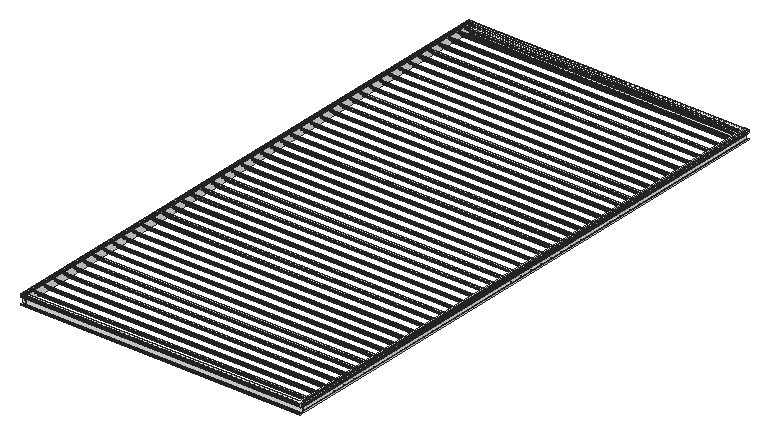
Revit family "All-Lite_EFJ-245_R17", category Mechanical Equipment, host Face, Revit 2017
Family settings
  Host = Face
  Round Connector Dimension = Use Diameter
  Part Type = Normal
  Cut with Voids When Loaded = No
  Shared = No
  Room Calculation Point = No
Parameters (values of type "60" x 120"")
  Width Control = if(Width < 4 1/2", 4 1/2", Width)  # 60"
  Width = 60"
  Wall Depth [instance] = 12"
  Velocity @ 0.15 in.wg. Pressure Loss = "823 fpm"  # constant formula
  URL = "https://www.alllite.com/"
  Pressure Loss = ".20 in. wg"  # constant formula
  Screen = "1/2'' x 0.063'' expanded and flattened aluminum."  # constant formula
  Product URL = "https://www.alllite.com/media/resource/EFJ245.pdf"
  Revit Components [instance] = "www.commensestudio.com"
  Mullion = "Visible"  # constant formula
  Modeled By = "Commense Studio"  # constant formula
  Model = "EFJ-245"  # constant formula
  Maximum Size = "60'' x 120''"  # constant formula
  Louver Placement from Face [instance] = 1"
  Height Control = if(Height < 5", 5", Height)  # 120"
  Free Area Velocity = "942 fpm"  # constant formula
  Free Area (48"x 48") = "7.3 ft² 45.8%"  # constant formula
  Frame Width = 5/8"  # constant formula
  Design Load = "20 psf"  # constant formula
  Air Volume Delivered = "6911 cfm"  # constant formula
  Material = "Mill finish 6063-T5 extruded aluminum."  # constant formula
  Manufacturer = "All-Lite"  # constant formula
  Aluminum [instance] = Aluminum
  Blade Width = Width - (Frame Width * 2)  # 58 3/4"
  Frame = "2'' deep x 0.06'' thick channel."  # constant formula
  Description = "The EFJ-245 extruded aluminum louver is designed for intake\r\nand exhaust application where protection against water\r\ninfiltration is not critical. The EFJ-245 is well suited for special\r\nshape applications and is available with hidden mullions for a\r\ncontinuous blade appearance of multiple section assemblies.\r\nThe EFJ-245 is available in a wide array of anodized and\r\npainted finishes including custom color matching."  # constant formula
  Height = 120"
  Depth = 6"  # constant formula
  Default Elevation = 0"
  Minimum Size = "4.5'' x 9.5'"  # constant formula
  Blades = "45° x 0.06'' thick J- style."  # constant formula
  Assembly Code = "B3020300"
  Array Control 2 = if(Array Control 1 < 2, 2, Array Control 1)  # 44
  Array Control 1 = (Height - 10 3/4") / 2 1/2"  # 44
Types (2): name | Width Control | Width | URL | Product URL | Height Control | Blade Width | Height | Array Control 2 | Array Control 1
  60" x 120" | 60" | 60" | "https://www.alllite.com/" | "https://www.alllite.com/media/resource/EFJ245.pdf" | 120" | 58 3/4" | 120" | 44 | 44
  36" x 48" | 36" | 36" | "https://www.pottorff.com/" | "" | 48" | 34 3/4" | 48" | 15 | 15
Reference planes (in)
  plane 1 "Center (Front/Back)": y = 0
  plane 2: z = 0
  plane 3 "Center (Left/Right)": x = 0
  plane 4 "L": x = -30
  plane 5 "R": x = 30
  plane 6 "B": y = 60
  plane 7 "F": y = -60
  plane 8 "Framing Sweeps": z = -1
  plane 9: x = -29.375
  plane 10: x = 29.375
  plane 11 "blade": z = -1.081
  plane 12: y = -57.75
  plane 13: y = 55.75
  plane 14: z = -7
  plane 15: z = -12
  plane 16: y = -59.25
Forms (in)
  Sweep 1, solid, material "Aluminum" <- "Aluminum"
    path origin (0, 0, -1) x (-1, 0, 0) y (0, -1, 0)
      loop
        line (30, 60) -> (-30, 60)
    profile origin (0, -60, -1) x (0, 1, 0) y (0, 0, 1)
      loop
        line (0.75, -2) -> (0.75, 0) -> (0, 0) -> (0, -0.18) -> (0.06, -0.18) -> (0.06, -0.06) -> (0.156, -0.06) -> (0.156, -0.467) -> (0.06, -0.467) -> (0.06, -0.407) -> (0, -0.407) -> (0, -0.527) -> (0.216, -0.527) -> (0.216, -0.06) -> (0.69, -0.06) -> (0.69, -2) -> (0.06, -2) -> (0.06, -1.93176) -> (0, -1.93176) -> (0, -2.06) -> (1.75, -2.06) -> (1.75, -2) -> (0.75, -2)
  Sweep 2, solid, material "Aluminum" <- "Aluminum"
    path origin (0, 0, -1) x (-1, 0, 0) y (0, -1, 0)
      loop
        line (29.375, -60) -> (-29.375, -60)
    profile origin (0, 60, -1) x (0, 1, 0) y (0, 0, 1)
      loop
        line (0, -2.06) -> (0, -1.50555) -> (-0.11189, -1.50555)
        arc (-0.11189, -1.50555) -> (-0.13398, -1.4964) -> (-0.14314, -1.4743) r 0.03125
        line (-0.14314, -1.4743) -> (-0.14314, -0.667) -> (0, -0.667) -> (0, -0.407) -> (-0.06, -0.407) -> (-0.06, -0.477) -> (-0.156, -0.477) -> (-0.156, -0.12) -> (-0.06, -0.12) -> (-0.06, -0.17905) -> (0, -0.17905) -> (0, -0.06) -> (-0.74979, -0.06) -> (-0.97973, -0.28994) -> (-0.93741, -0.33226) -> (-0.72515, -0.12) -> (-0.216, -0.12) -> (-0.216, -0.477) -> (-0.30649, -0.477) -> (-0.30649, -0.542) -> (-1.85, -0.542) -> (-1.85, -0.12) -> (-1.2525, -0.12)
        arc (-1.2525, -0.12) -> (-1.2225, -0.09) -> (-1.2525, -0.06) r 0.03
        line (-1.2525, -0.06) -> (-1.87094, -0.06)
        arc (-1.87094, -0.06) -> (-1.89856, -0.07144) -> (-1.91, -0.09906) r 0.03906
        line (-1.91, -0.09906) -> (-1.91, -0.56478)
        arc (-1.91, -0.56478) -> (-1.8991, -0.5911) -> (-1.87278, -0.602) r 0.03722
        line (-1.87278, -0.602) -> (-1.66474, -0.602)
        arc (-1.66474, -0.602) -> (-1.63615, -0.62063) -> (-1.64165, -0.6543) r 0.03125
        arc (-1.64165, -0.6543) -> (-1.67948, -0.75445) -> (-1.63828, -0.85327) r 0.145
        arc (-1.63828, -0.85327) -> (-1.59629, -0.85283) -> (-1.59585, -0.81083) r 0.03001
        arc (-1.59585, -0.81083) -> (-1.5345, -0.667) -> (-1.47315, -0.81083) r 0.085
        arc (-1.47315, -0.81083) -> (-1.47181, -0.8537) -> (-1.42898, -0.85145) r 0.03001
        arc (-1.42898, -0.85145) -> (-1.3895, -0.7532) -> (-1.42735, -0.6543) r 0.145
        arc (-1.42735, -0.6543) -> (-1.43285, -0.62063) -> (-1.40426, -0.602) r 0.03125
        line (-1.40426, -0.602) -> (-1.10224, -0.602)
        arc (-1.10224, -0.602) -> (-1.07365, -0.62063) -> (-1.07915, -0.65431) r 0.03125
        arc (-1.07915, -0.65431) -> (-1.11699, -0.75399) -> (-1.07642, -0.8526) r 0.145
        arc (-1.07642, -0.8526) -> (-1.03369, -0.85359) -> (-1.03336, -0.81084) r 0.03
        arc (-1.03336, -0.81084) -> (-0.972, -0.66702) -> (-0.91069, -0.81086) r 0.085
        arc (-0.91069, -0.81086) -> (-0.90709, -0.8583) -> (-0.86033, -0.8495) r 0.03193
        arc (-0.86033, -0.8495) -> (-0.82704, -0.75356) -> (-0.86485, -0.6593) r 0.145
        arc (-0.86485, -0.6593) -> (-0.87035, -0.62563) -> (-0.84176, -0.607) r 0.03125
        line (-0.84176, -0.607) -> (-0.285, -0.607)
        arc (-0.285, -0.607) -> (-0.38753, -0.64947) -> (-0.43, -0.752) r 0.145
        arc (-0.43, -0.752) -> (-0.4, -0.782) -> (-0.37, -0.752) r 0.03
        arc (-0.37, -0.752) -> (-0.2249, -0.6919) -> (-0.285, -0.837) r 0.085
        arc (-0.285, -0.837) -> (-0.315, -0.867) -> (-0.285, -0.897) r 0.03
        arc (-0.285, -0.897) -> (-0.26327, -0.89536) -> (-0.24203, -0.89049) r 0.145
        arc (-0.24203, -0.89049) -> (-0.21534, -0.89499) -> (-0.20314, -0.91914) r 0.03
        line (-0.20314, -0.91914) -> (-0.20314, -1.36841)
        arc (-0.20314, -1.36841) -> (-0.21534, -1.39256) -> (-0.24203, -1.39706) r 0.03
        arc (-0.24203, -1.39706) -> (-0.31831, -1.39443) -> (-0.38536, -1.4309) r 0.145
        arc (-0.38536, -1.4309) -> (-0.38625, -1.47331) -> (-0.34383, -1.4742) r 0.03
        arc (-0.34383, -1.4742) -> (-0.2, -1.53461) -> (-0.34246, -1.59819) r 0.085
        arc (-0.34246, -1.59819) -> (-0.38537, -1.59772) -> (-0.3849, -1.64064) r 0.03002
        arc (-0.3849, -1.64064) -> (-0.25224, -1.6768) -> (-0.14904, -1.58594) r 0.145
        arc (-0.14904, -1.58594) -> (-0.13758, -1.57115) -> (-0.11973, -1.56555) r 0.03125
        line (-0.11973, -1.56555) -> (-0.06, -1.56555) -> (-0.06, -2) -> (-0.62636, -2) -> (-0.62636, -2.06) -> (0, -2.06)
  Sweep 3, solid, material "Aluminum" <- "Aluminum"
    path origin (0, 0, -1) x (-1, 0, 0) y (0, -1, 0)
      loop
        line (30, -60) -> (30, 59.25)
    profile "Profile - H Channel - 2in : 2 x 5/8" origin (-30, 0.375, -1) x (1, 0, 0) y (0, 0, 1)
      loop
        line (0.06, -1.94) -> (0.06, -1.8285)
        arc (0.06, -1.8285) -> (0.03, -1.7985) -> (0, -1.8285) r 0.03
        line (0, -1.8285) -> (0, -2) -> (0.625, -2) -> (0.625, -0.467) -> (0.216, -0.467) -> (0.216, -0.06) -> (0.565, -0.06) -> (0.565, -0.12397)
        arc (0.565, -0.12397) -> (0.595, -0.15397) -> (0.625, -0.12397) r 0.03
        line (0.625, -0.12397) -> (0.625, -0.06) -> (0.734, -0.06)
        arc (0.734, -0.06) -> (0.764, -0.03) -> (0.734, 0) r 0.03
        line (0.734, 0) -> (0, 0) -> (0, -0.164)
        arc (0, -0.164) -> (0.03, -0.194) -> (0.06, -0.164) r 0.03
        line (0.06, -0.164) -> (0.06, -0.06) -> (0.156, -0.06) -> (0.156, -0.467) -> (0.06, -0.467) -> (0.06, -0.423)
        arc (0.06, -0.423) -> (0.03, -0.393) -> (0, -0.423) r 0.03
        line (0, -0.423) -> (0, -0.527) -> (0.565, -0.527) -> (0.565, -0.95365)
        arc (0.565, -0.95365) -> (0.55309, -0.97675) -> (0.52737, -0.98046) r 0.02836
        arc (0.52737, -0.98046) -> (0.44833, -0.976) -> (0.37873, -1.01372) r 0.145
        arc (0.37873, -1.01372) -> (0.37917, -1.05571) -> (0.42117, -1.05615) r 0.03001
        arc (0.42117, -1.05615) -> (0.565, -1.1172) -> (0.4216, -1.17926) r 0.085
        arc (0.4216, -1.17926) -> (0.37984, -1.18038) -> (0.37964, -1.22215) r 0.03002
        arc (0.37964, -1.22215) -> (0.44707, -1.25871) -> (0.52373, -1.25575) r 0.145
        arc (0.52373, -1.25575) -> (0.55203, -1.2604) -> (0.565, -1.28598) r 0.03171
        line (0.565, -1.28598) -> (0.565, -1.94) -> (0.06, -1.94)
  Sweep 4, solid, material "Aluminum" <- "Aluminum"
    path origin (0, 0, -1) x (-1, 0, 0) y (0, -1, 0)
      loop
        line (-30, -60) -> (-30, 59.25)
    profile "Profile - H Channel - 2in : 2 x 5/8" origin (30, 0.375, -1) x (1, 0, 0) y (0, 0, 1)
      loop
        line (-0.06, -1.94) -> (-0.565, -1.94) -> (-0.565, -1.28598)
        arc (-0.565, -1.28598) -> (-0.55203, -1.2604) -> (-0.52373, -1.25575) r 0.03171
        arc (-0.52373, -1.25575) -> (-0.44707, -1.25871) -> (-0.37964, -1.22215) r 0.145
        arc (-0.37964, -1.22215) -> (-0.37984, -1.18038) -> (-0.4216, -1.17926) r 0.03002
        arc (-0.4216, -1.17926) -> (-0.565, -1.1172) -> (-0.42117, -1.05615) r 0.085
        arc (-0.42117, -1.05615) -> (-0.37917, -1.05571) -> (-0.37873, -1.01372) r 0.03001
        arc (-0.37873, -1.01372) -> (-0.44833, -0.976) -> (-0.52737, -0.98046) r 0.145
        arc (-0.52737, -0.98046) -> (-0.55309, -0.97675) -> (-0.565, -0.95365) r 0.02836
        line (-0.565, -0.95365) -> (-0.565, -0.527) -> (0, -0.527) -> (0, -0.423)
        arc (0, -0.423) -> (-0.03, -0.393) -> (-0.06, -0.423) r 0.03
        line (-0.06, -0.423) -> (-0.06, -0.467) -> (-0.156, -0.467) -> (-0.156, -0.06) -> (-0.06, -0.06) -> (-0.06, -0.164)
        arc (-0.06, -0.164) -> (-0.03, -0.194) -> (0, -0.164) r 0.03
        line (0, -0.164) -> (0, 0) -> (-0.734, 0)
        arc (-0.734, 0) -> (-0.764, -0.03) -> (-0.734, -0.06) r 0.03
        line (-0.734, -0.06) -> (-0.625, -0.06) -> (-0.625, -0.12397)
        arc (-0.625, -0.12397) -> (-0.595, -0.15397) -> (-0.565, -0.12397) r 0.03
        line (-0.565, -0.12397) -> (-0.565, -0.06) -> (-0.216, -0.06) -> (-0.216, -0.467) -> (-0.625, -0.467) -> (-0.625, -2) -> (0, -2) -> (0, -1.8285)
        arc (0, -1.8285) -> (-0.03, -1.7985) -> (-0.06, -1.8285) r 0.03
        line (-0.06, -1.8285) -> (-0.06, -1.94)
  Extrusion 5, void
    sketch origin (10.61611, 0, 0) x (0, 0, 1) y (0, -1, 0)
      loop
        line (0, 60) -> (-12, 60) -> (-12, -60) -> (0, -60) -> (0, 60)
    from -40.61611 to 19.38389
Cuts and joins
  joined: Sweep 1, Sweep 3, Sweep 4
Lines and regions (in)
  symbolic lines
    curve 1: line (-30, 60, -1) -> (30, 60, -1)
    curve 2: line (-30, -60, -1) -> (-30, 60, -1)
    curve 3: line (30, -60, -1) -> (-30, -60, -1)
    curve 4: line (30, 60, -1) -> (30, -60, -1)
    curve 5: line (-29.5, 59.5, -1) -> (29.5, 59.5, -1)
    curve 6: line (29.5, 59.5, -1) -> (29.5, -59.5, -1)
    curve 7: line (29.5, -59.5, -1) -> (-29.5, -59.5, -1)
    curve 8: line (-29.5, -59.5, -1) -> (-29.5, 59.5, -1)
Dimensions and locks (in)
  equal spacing: plane 4 "L", plane 3 "Center (Left/Right)", plane 5 "R"
  "Width Control": plane 4 "L" to plane 5 "R"
  equal spacing: plane 7 "F", plane 1 "Center (Front/Back)", plane 6 "B"
  "Height Control": plane 7 "F" to plane 6 "B"
  "Louver Placement from Face": level to plane 8 "Framing Sweeps"
  "Frame Width": plane 4 "L" to plane 9
  "Frame Width": plane 10 to plane 5 "R"
  locked: plane 7 "F" to plane 12 at 2.25
  equal spacing: group 1, group 3, group 4, group 5, group 6, group 7, group 8, group 9, group 10, group 11, group 12, group 13, group 14, group 15, group 16, group 17, group 18, group 19, group 20, group 21, group 22, group 23, group 24, group 25, group 26, group 27, group 28, group 29, group 30, group 31, group 32, group 33, group 34, group 35, group 36, group 37, group 38, group 39, group 40, group 41, group 42, group 43, group 44, group 2  (x3)
  locked: plane 8 "Framing Sweeps" to plane 11 "blade" at 0.081
  "Wall Depth": level to plane 15
  "Depth": plane 8 "Framing Sweeps" to plane 14
  locked: plane 13 to plane 6 "B" at 4.25
  locked: plane 7 "F" to plane 16 at 0.75
  aligned and locked: plane 2 to host face
  aligned and locked: level to host face
  aligned and locked: plane 11 "blade" to nested 1
  aligned and locked: plane 12 to nested 1
  aligned and locked: plane 13 to nested 2
  aligned and locked: plane 6 "B" to Sweep 2 sketch curve
  aligned and locked: Sweep 4 sketch curve to plane 5 "R"
  aligned and locked: plane 9 to Sweep 2 sketch curve
  aligned and locked: Sweep 2 sketch curve to plane 10
  aligned and locked: plane 11 "blade" to nested 2
  aligned and locked: plane 15 to host face
  aligned and locked: plane 15 to Extrusion 5
  aligned and locked: plane 7 "F" to Extrusion 5
  aligned and locked: Extrusion 5 to plane 4 "L"
  aligned and locked: Extrusion 5 to plane 5 "R"
  aligned and locked: plane 16 to Sweep 4 sketch curve
  aligned and locked: plane 16 to Sweep 3 sketch curve
Automatic sketch dimensions
  host sketch curve to host sketch curve = 96"
  host sketch curve to host sketch curve = 158.30898"
  curve 1 to plane 5 "R" = 0"
  curve 2 to plane 4 "L" = 0"
  plane 6 "B" to curve 1 = 0"
  plane 7 "F" to curve 3 = 0"
  curve 7 to plane 5 "R" = 1/2"
  plane 4 "L" to curve 7 = 1/2"
  plane 6 "B" to curve 5 = 1/2"
  curve 8 to plane 7 "F" = 1/2"
  Sweep 4 sketch curve to plane 6 "B" = 0"
  Sweep 3 sketch curve to plane 4 "L" = 0"
  Sweep 3 sketch curve to plane 6 "B" = 0"
  Sweep 1 sketch curve to plane 5 "R" = 0"
  Sweep 1 sketch curve to plane 4 "L" = 0"
  plane 7 "F" to Sweep 1 sketch curve = 0"
  Extrusion 5 sketch curve to level = 0"
  Extrusion 5 sketch curve to plane 6 "B" = 0"
  Extrusion 5 sketch curve to plane 11 "blade" = 10.919"
  Extrusion 5 sketch curve to plane 13 = 115 3/4"
  Sweep 1 sketch curve to profile plane = 0"  (x3)
  Sweep 1 sketch curve to plane 8 "Framing Sweeps" = 0"
  Sweep 1 sketch curve to Sweep 1 sketch curve = 0.06"  (x7)
  Sweep 1 sketch curve to Sweep 1 sketch curve = 0.096"
  Sweep 1 sketch curve to Sweep 1 sketch curve = 0.63"
  Sweep 1 sketch curve to Sweep 1 sketch curve = 1"
  Sweep 1 sketch curve to plane 8 "Framing Sweeps" = 0.06"  (x2)
  Sweep 1 sketch curve to Sweep 1 sketch curve = 0.12"
  Sweep 1 sketch curve to Sweep 1 sketch curve = 0.227"
  Sweep 1 sketch curve to Sweep 1 sketch curve = 1.52476"
  Sweep 1 sketch curve to Sweep 1 sketch curve = 0.06824"  (x2)
  Sweep 1 sketch curve to profile plane = 0.06"
  Sweep 2 sketch curve to Sweep 2 sketch curve = 0"  (x31)
  Sweep 2 sketch curve to profile plane = 0"  (x3)
  profile plane to Sweep 2 sketch curve = 0.06"  (x3)
  Sweep 2 sketch curve to Sweep 2 sketch curve = 0.05189"
  Sweep 2 sketch curve to Sweep 2 sketch curve = 0.05974"
  Sweep 2 sketch curve to Sweep 2 sketch curve = 1/32"  (x6)
  Sweep 2 sketch curve to Sweep 2 sketch curve = 0.096"
  Sweep 2 sketch curve to Sweep 2 sketch curve = 0.06"  (x4)
  Sweep 2 sketch curve to Sweep 2 sketch curve = 0.09"
  profile plane to Sweep 2 sketch curve = 0.23314"
  Sweep 2 sketch curve to Sweep 2 sketch curve = 0.14186"  (x2)
  Sweep 2 sketch curve to Sweep 2 sketch curve = 0.09049"
  Sweep 2 sketch curve to Sweep 2 sketch curve = 0.07914"
  Sweep 2 sketch curve to Sweep 2 sketch curve = 0.0796"
  Sweep 2 sketch curve to Sweep 2 sketch curve = 0.115"  (x2)
  Sweep 2 sketch curve to Sweep 2 sketch curve = 0.26222"
  Sweep 2 sketch curve to plane 8 "Framing Sweeps" = 0.12"
  Sweep 2 sketch curve to Sweep 2 sketch curve = 0.50915"
  Sweep 2 sketch curve to Sweep 2 sketch curve = 0.02464"
  Sweep 2 sketch curve to Sweep 2 sketch curve = 0.44176"
  Sweep 2 sketch curve to Sweep 2 sketch curve = 0.04589"
  Sweep 2 sketch curve to plane 8 "Framing Sweeps" = 0.33226"
  Sweep 2 sketch curve to Sweep 2 sketch curve = 0.09565"
  Sweep 2 sketch curve to Sweep 2 sketch curve = 0.08435"
  Sweep 2 sketch curve to plane 8 "Framing Sweeps" = 0.28994"
  Sweep 2 sketch curve to Sweep 2 sketch curve = 0.04232"
  Sweep 2 sketch curve to Sweep 2 sketch curve = 0.08257"
  Sweep 2 sketch curve to Sweep 2 sketch curve = 0.13024"  (x2)
  Sweep 2 sketch curve to plane 8 "Framing Sweeps" = 0.06"  (x2)
  Sweep 2 sketch curve to Sweep 2 sketch curve = 0.27276"
  Sweep 2 sketch curve to Sweep 2 sketch curve = 0.30202"
  Sweep 2 sketch curve to Sweep 2 sketch curve = 0.04723"
  Sweep 2 sketch curve to Sweep 2 sketch curve = 0.08301"  (x2)
  Sweep 2 sketch curve to Sweep 2 sketch curve = 0.18526"
  Sweep 2 sketch curve to Sweep 2 sketch curve = 0.02094"
  Sweep 2 sketch curve to Sweep 2 sketch curve = 0.02279"
  Sweep 2 sketch curve to Sweep 2 sketch curve = 0.03722"
  Sweep 2 sketch curve to Sweep 2 sketch curve = 0.287"
  Sweep 2 sketch curve to Sweep 2 sketch curve = 0.07"  (x2)
  Sweep 2 sketch curve to Sweep 2 sketch curve = 0.065"
  Sweep 2 sketch curve to Sweep 2 sketch curve = 0.02278"
  Sweep 2 sketch curve to Sweep 2 sketch curve = 0.26974"
  Sweep 2 sketch curve to Sweep 2 sketch curve = 0.005"
  Sweep 2 sketch curve to Sweep 2 sketch curve = 0.19"
  Sweep 2 sketch curve to Sweep 2 sketch curve = 0.145"
  Sweep 2 sketch curve to Sweep 2 sketch curve = 0.11875"
  Sweep 2 sketch curve to Sweep 2 sketch curve = 0.11375"
  Sweep 2 sketch curve to Sweep 2 sketch curve = 0.00499"
  Sweep 2 sketch curve to Sweep 2 sketch curve = 0.07961"  (x2)
  Sweep 2 sketch curve to Sweep 2 sketch curve = 0.07505"
  Sweep 2 sketch curve to Sweep 2 sketch curve = 0.07597"
  Sweep 2 sketch curve to Sweep 2 sketch curve = 0.05214"
  Sweep 2 sketch curve to Sweep 2 sketch curve = 0.44927"
  Sweep 2 sketch curve to Sweep 2 sketch curve = 0.08414"
  Sweep 2 sketch curve to Sweep 2 sketch curve = 0.10589"
  Sweep 2 sketch curve to Sweep 2 sketch curve = 0.083"
  Sweep 2 sketch curve to Sweep 2 sketch curve = 0.0834"
  Sweep 2 sketch curve to Sweep 2 sketch curve = 0.38105"
  Sweep 2 sketch curve to plane 8 "Framing Sweeps" = 0.17905"
  Sweep 2 sketch curve to Sweep 2 sketch curve = 0.05905"
  Sweep 2 sketch curve to Sweep 2 sketch curve = 0.03"  (x2)
  Sweep 2 sketch curve to Sweep 2 sketch curve = 0.02169"
  Sweep 2 sketch curve to Sweep 2 sketch curve = 0.02076"
  Sweep 2 sketch curve to Sweep 2 sketch curve = 0.02732"
  Sweep 2 sketch curve to Sweep 2 sketch curve = 0.02121"
  Sweep 2 sketch curve to Sweep 2 sketch curve = 0.02186"
  Sweep 2 sketch curve to Sweep 2 sketch curve = 0.02251"
  Sweep 2 sketch curve to Sweep 2 sketch curve = 0.02077"
Nested families (in)
  nested 1: "Blade_J-Style 2in_45 deg" at (0, -57.75, -1.081), type "Blade_J-Style 2in_45 deg"
    with W 58 3/4"
  nested 2: "Blade_J-Style 2in_45 deg" at (0, 55.75, -1.081), type "Blade_J-Style 2in_45 deg"
    with W 58 3/4"
  nested 3: "Blade_J-Style 2in_45 deg" at (0, -55.11047, -1.081), type "Blade_J-Style 2in_45 deg"
    with W 58 3/4"
  nested 4: "Blade_J-Style 2in_45 deg" at (0, -52.47093, -1.081), type "Blade_J-Style 2in_45 deg"
    with W 58 3/4"
  nested 5: "Blade_J-Style 2in_45 deg" at (0, -49.8314, -1.081), type "Blade_J-Style 2in_45 deg"
    with W 58 3/4"
  nested 6: "Blade_J-Style 2in_45 deg" at (0, -47.19186, -1.081), type "Blade_J-Style 2in_45 deg"
    with W 58 3/4"
  nested 7: "Blade_J-Style 2in_45 deg" at (0, -44.55233, -1.081), type "Blade_J-Style 2in_45 deg"
    with W 58 3/4"
  nested 8: "Blade_J-Style 2in_45 deg" at (0, -41.91279, -1.081), type "Blade_J-Style 2in_45 deg"
    with W 58 3/4"
  nested 9: "Blade_J-Style 2in_45 deg" at (0, -39.27326, -1.081), type "Blade_J-Style 2in_45 deg"
    with W 58 3/4"
  nested 10: "Blade_J-Style 2in_45 deg" at (0, -36.63372, -1.081), type "Blade_J-Style 2in_45 deg"
    with W 58 3/4"
  nested 11: "Blade_J-Style 2in_45 deg" at (0, -33.99419, -1.081), type "Blade_J-Style 2in_45 deg"
    with W 58 3/4"
  nested 12: "Blade_J-Style 2in_45 deg" at (0, -31.35465, -1.081), type "Blade_J-Style 2in_45 deg"
    with W 58 3/4"
  nested 13: "Blade_J-Style 2in_45 deg" at (0, -28.71512, -1.081), type "Blade_J-Style 2in_45 deg"
    with W 58 3/4"
  nested 14: "Blade_J-Style 2in_45 deg" at (0, -26.07558, -1.081), type "Blade_J-Style 2in_45 deg"
    with W 58 3/4"
  nested 15: "Blade_J-Style 2in_45 deg" at (0, -23.43605, -1.081), type "Blade_J-Style 2in_45 deg"
    with W 58 3/4"
  nested 16: "Blade_J-Style 2in_45 deg" at (0, -20.79651, -1.081), type "Blade_J-Style 2in_45 deg"
    with W 58 3/4"
  nested 17: "Blade_J-Style 2in_45 deg" at (0, -18.15698, -1.081), type "Blade_J-Style 2in_45 deg"
    with W 58 3/4"
  nested 18: "Blade_J-Style 2in_45 deg" at (0, -15.51744, -1.081), type "Blade_J-Style 2in_45 deg"
    with W 58 3/4"
  nested 19: "Blade_J-Style 2in_45 deg" at (0, -12.87791, -1.081), type "Blade_J-Style 2in_45 deg"
    with W 58 3/4"
  nested 20: "Blade_J-Style 2in_45 deg" at (0, -10.23837, -1.081), type "Blade_J-Style 2in_45 deg"
    with W 58 3/4"
  nested 21: "Blade_J-Style 2in_45 deg" at (0, -7.59884, -1.081), type "Blade_J-Style 2in_45 deg"
    with W 58 3/4"
  nested 22: "Blade_J-Style 2in_45 deg" at (0, -4.9593, -1.081), type "Blade_J-Style 2in_45 deg"
    with W 58 3/4"
  nested 23: "Blade_J-Style 2in_45 deg" at (0, -2.31977, -1.081), type "Blade_J-Style 2in_45 deg"
    with W 58 3/4"
  nested 24: "Blade_J-Style 2in_45 deg" at (0, 0.31977, -1.081), type "Blade_J-Style 2in_45 deg"
    with W 58 3/4"
  nested 25: "Blade_J-Style 2in_45 deg" at (0, 2.9593, -1.081), type "Blade_J-Style 2in_45 deg"
    with W 58 3/4"
  nested 26: "Blade_J-Style 2in_45 deg" at (0, 5.59884, -1.081), type "Blade_J-Style 2in_45 deg"
    with W 58 3/4"
  nested 27: "Blade_J-Style 2in_45 deg" at (0, 8.23837, -1.081), type "Blade_J-Style 2in_45 deg"
    with W 58 3/4"
  nested 28: "Blade_J-Style 2in_45 deg" at (0, 10.87791, -1.081), type "Blade_J-Style 2in_45 deg"
    with W 58 3/4"
  nested 29: "Blade_J-Style 2in_45 deg" at (0, 13.51744, -1.081), type "Blade_J-Style 2in_45 deg"
    with W 58 3/4"
  nested 30: "Blade_J-Style 2in_45 deg" at (0, 16.15698, -1.081), type "Blade_J-Style 2in_45 deg"
    with W 58 3/4"
  nested 31: "Blade_J-Style 2in_45 deg" at (0, 18.79651, -1.081), type "Blade_J-Style 2in_45 deg"
    with W 58 3/4"
  nested 32: "Blade_J-Style 2in_45 deg" at (0, 21.43605, -1.081), type "Blade_J-Style 2in_45 deg"
    with W 58 3/4"
  nested 33: "Blade_J-Style 2in_45 deg" at (0, 24.07558, -1.081), type "Blade_J-Style 2in_45 deg"
    with W 58 3/4"
  nested 34: "Blade_J-Style 2in_45 deg" at (0, 26.71512, -1.081), type "Blade_J-Style 2in_45 deg"
    with W 58 3/4"
  nested 35: "Blade_J-Style 2in_45 deg" at (0, 29.35465, -1.081), type "Blade_J-Style 2in_45 deg"
    with W 58 3/4"
  nested 36: "Blade_J-Style 2in_45 deg" at (0, 31.99419, -1.081), type "Blade_J-Style 2in_45 deg"
    with W 58 3/4"
  nested 37: "Blade_J-Style 2in_45 deg" at (0, 34.63372, -1.081), type "Blade_J-Style 2in_45 deg"
    with W 58 3/4"
  nested 38: "Blade_J-Style 2in_45 deg" at (0, 37.27326, -1.081), type "Blade_J-Style 2in_45 deg"
    with W 58 3/4"
  nested 39: "Blade_J-Style 2in_45 deg" at (0, 39.91279, -1.081), type "Blade_J-Style 2in_45 deg"
    with W 58 3/4"
  nested 40: "Blade_J-Style 2in_45 deg" at (0, 42.55233, -1.081), type "Blade_J-Style 2in_45 deg"
    with W 58 3/4"
  nested 41: "Blade_J-Style 2in_45 deg" at (0, 45.19186, -1.081), type "Blade_J-Style 2in_45 deg"
    with W 58 3/4"
  nested 42: "Blade_J-Style 2in_45 deg" at (0, 47.8314, -1.081), type "Blade_J-Style 2in_45 deg"
    with W 58 3/4"
  nested 43: "Blade_J-Style 2in_45 deg" at (0, 50.47093, -1.081), type "Blade_J-Style 2in_45 deg"
    with W 58 3/4"
  nested 44: "Blade_J-Style 2in_45 deg" at (0, 53.11047, -1.081), type "Blade_J-Style 2in_45 deg"
    with W 58 3/4"
Connectors (in)
  hvac at (0, 0, -1), driven by "Height", driven by "Width"
    settings: index 1, duct flow 0 CFM, flow factor 0, pres drop 0.00 in-wg, loss coef 0, conn angle 0.00°, conn width 60", conn height 120", conn diameter 24", duct sys type 1, conn prof type 1, flow config 0, flow direction 0, loss method 0, conn ref index -1, conn util no, is conn primary yes, conn desc ""
Definition of nested family "Blade_J-Style 2in_45 deg"
  Parameters (values of type "Blade_J-Style 2in_45 deg")
    W = 58"
    Louver = none
    Blade = none
    Assembly Code = ""
  Reference planes (in)
    plane 1 "Center (Front/Back)": y = 0
    plane 2: z = 0
    plane 3 "Center (Left/Right)": x = 0
    plane 4: x = -29
    plane 5: x = 29
    plane 6: z = 0
    plane 7: y = 2.5
  Forms (in)
    Sweep 1, solid, material <- "Blade"
      path origin (0, 0, 0) x (1, 0, 0) y (0, 0, -1)
        loop
          line (-29, 0) -> (29, 0)
      profile "Profile - J Blade - 2in_45 deg : Profile - J Blade - 2in_45 deg" origin (0, 0, 0) x (0, 0, -1) y (0, 1, 0)
        loop
          line (0, 0.42385) -> (0, 0.03)
          arc (0, 0.03) -> (0.03, 0) -> (0.06, 0.03) r 0.03
          line (0.06, 0.03) -> (0.06, 0.399) -> (0.50405, 0.84305)
          arc (0.50405, 0.84305) -> (0.53006, 0.85153) -> (0.55214, 0.83538) r 0.03
          arc (0.55214, 0.83538) -> (0.6029, 0.77877) -> (0.67532, 0.75563) r 0.145
          arc (0.67532, 0.75563) -> (0.7118, 0.78202) -> (0.6817, 0.81549) r 0.03027
          arc (0.6817, 0.81549) -> (0.6216, 0.9606) -> (0.7667, 0.90049) r 0.085
          arc (0.7667, 0.90049) -> (0.79989, 0.87309) -> (0.82656, 0.90687) r 0.03011
          arc (0.82656, 0.90687) -> (0.80342, 0.97929) -> (0.74681, 1.03005) r 0.145
          arc (0.74681, 1.03005) -> (0.73067, 1.05208) -> (0.73907, 1.07807) r 0.03
          line (0.73907, 1.07807) -> (1.28797, 1.62697)
          arc (1.28797, 1.62697) -> (1.31396, 1.63538) -> (1.33599, 1.61923) r 0.03
          arc (1.33599, 1.61923) -> (1.38945, 1.56092) -> (1.46555, 1.53934) r 0.145
          arc (1.46555, 1.53934) -> (1.49307, 1.57121) -> (1.46181, 1.59942) r 0.03011
          arc (1.46181, 1.59942) -> (1.40678, 1.74575) -> (1.55055, 1.68434) r 0.085
          arc (1.55055, 1.68434) -> (1.58055, 1.65677) -> (1.61055, 1.68434) r 0.03011
          arc (1.61055, 1.68434) -> (1.58934, 1.75984) -> (1.53193, 1.81326) r 0.145
          arc (1.53193, 1.81326) -> (1.51536, 1.83622) -> (1.52414, 1.86314) r 0.03125
          line (1.52414, 1.86314) -> (1.93, 2.269) -> (1.93, 2.699)
          arc (1.93, 2.699) -> (1.9, 2.729) -> (1.87, 2.699) r 0.03
          line (1.87, 2.699) -> (1.87, 2.29385) -> (0, 0.42385)
  Dimensions and locks (in)
    plane 5 to plane 4 = 58"
    equal spacing: plane 4, plane 3 "Center (Left/Right)", plane 5
    "W": plane 4 to plane 5
    plane 1 "Center (Front/Back)" to plane 7 = 2 1/2"
    aligned and locked: plane 2 to level
  Automatic sketch dimensions
    Sweep 1 sketch curve to plane 4 = 0"
    Sweep 1 sketch curve to plane 5 = 0"
    level to Sweep 1 sketch curve = 0"
